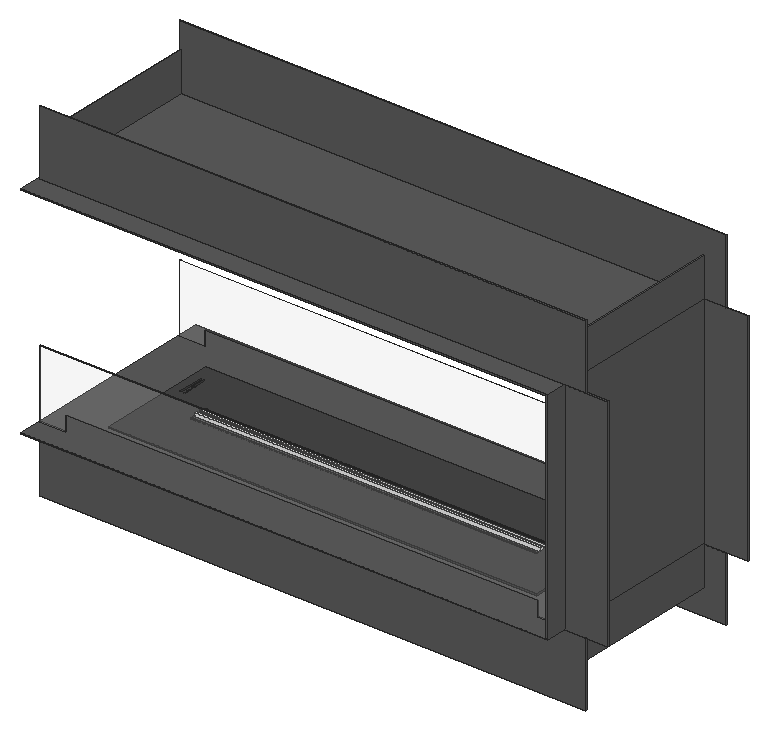
Revit family "1PLANIKA_FLA3_CASING_FORMA_ROOM_DIVIDER", category Attrezzatura meccanica, host Muro, Revit 2017
Family settings
  Host = Muro
  Quota connettore circolare = Usa diametro
  Tipo di parte = Normale
  Sempre verticale = Sì
  Taglio con vuoti quando caricato = No
  Condiviso = No
  Punto di calcolo locali = Sì
Parameters (values of type "FLA3_FORMA_1200_ROOM-DIVIDER")
  URL = "https://www.planikafires.com"
  TECHNICAL SHEET = "https://www.planikausa.com/indoor-ethanol-fireplaces/room-divider/forma-penisula/"
  PRODUCT SHEET = "https://www.archiproducts.com/en/products/planika/bioethanol-fireplace-insert-fla-3-in-casing-forma_431075"
  POWER SUPPLY = 230 V
  NET WEIGHT = 77.90 kg
  Modello = "FLA3 in FORMA ROOM-DIVIDER"
  Produttore = "PLANIKA"
  MINIMUM ROOM CUBATURE = 81 m³
  MAXIMUM HEAT OUTPUT = 8.1 kWh
  MAXIMUM BURN TIME = "10 hours"
  MATERIAL DESCRIPTION = "Steel, galvanized steel, toughened glass."
  LENGTH = 1320 mm
  HEIGHT = 710 mm
  FUEL TYPE = "Bioethanol 86 - 96,6%"
  FUEL TANK CAPACITY = 5.5 L
  FORMA LENGTH = 1219 mm
  FLAME HEIGHT REGULATION = "6 stages"
  FLA 3 LENGTH = 990 mm
  FINISHING MATERIAL = Black painted steel -  Planika
  ENVIRONMENTAL PERFORMANCE = "Maximum heat output: 8.1 kWh"
  Descrizione = "FORMA room-divider fireplace is loved by architects and designers alike thanks to the freedom of design options it offers. With the zero clearance and self-contained construction,  everyone can now find a perfect solution customized to their needs. Sleek and elegant, it features three open sides, enabling the mesmerising flame to be admired from any direction. The captivating linear flame instantly transforms both residential and commercial spaces."
  DEPTH = 406 mm
  CASING FINISH = Black powder coated steel - Planika
  BIM USER MANUAL = "https://img.edilportale.com/bim/Planika-manual-Planika-bim.pdf"
  BIM BADGE = "https://bim.archiproducts.com/en/badge/bim-archiproducts-featured_658700/about"
  BIM AUTHOR = "https://bim.archiproducts.com"
  APPLICATION = "For indoor use only"
  AIR CHANGE RATE = "1 space volume per hour"
Types (6, lengths in mm): name | NET WEIGHT | MINIMUM ROOM CUBATURE | MAXIMUM HEAT OUTPUT | MAXIMUM BURN TIME | LENGTH | FUEL TANK CAPACITY | FORMA LENGTH | FLA 3 LENGTH | ENVIRONMENTAL PERFORMANCE
  FLA3_FORMA_1200_ROOM-DIVIDER | 77.90 kg | 81 m³ | 8.1 kWh | "10 hours" | 1320 | 5.5 L | 1219 | 990 | "Maximum heat output: 8.1 kWh"
  FLA3_FORMA_1000_ROOM-DIVIDER | 65.40 kg | 69 m³ | 6.9 kWh | "32 hours" | 1120 | 4.5 L | 1057 | 790 | "Maximum heat output: 6.9 kWh"
  FLA3_FORMA_1500_ROOM-DIVIDER | 94.30 kg | 113 m³ | 11.2 kWh | "10 hours" | 1630 | 8.3 L | 1565 | 1190 | "Maximum heat output: 11.2 kWh"
  FLA3_FORMA_1800_ROOM-DIVIDER | 110.90 kg | 150 m³ | 15 kWh | "10 hours" | 1930 | 10.0 L | 1870 | 1490 | "Maximum heat output: 15 kWh"
  FLA3_FORMA_2300_ROOM-DIVIDER | 154.70 kg | 212 m³ | 21.2 kWh | "10 hours" | 2440 | 12.5 L | 2378 | 1990 | "Maximum heat output: 21.2 kWh"
  FLA3_FORMA_2700_ROOM-DIVIDER | 227.30 kg | 275 m³ | 27.5 kWh | "10 hours" | 2800 | 15.0 L | 2733 | 2490 | "Maximum heat output: 27.5 kWh"
Reference planes
  plane 1 "Wall": y = 0
  plane 2 "Center (Left/Right)": x = 125
  plane 3 "Back": y = 253
  plane 4: x = 734.5
  plane 5: x = -484.5
Forms (mm)
  Extrusion 1, void
    sketch origin (125, 0, 0) x (0, 1, 0) y (0, 0, 1)
      loop
        line (-253, 1898.739) -> (-253, 1390.739) -> (253, 1390.739) -> (253, 1898.739) -> (-253, 1898.739)
    from -609.5 to 609.5
  Extrusion 2, void
    sketch origin (125, 0, 0) x (0, 1, 0) y (0, 0, 1)
      loop
        line (-125.097, 1213.239) -> (125.1, 1213.239) -> (125.1, 1390.739) -> (-125.097, 1390.739) -> (-125.097, 1213.239)
    from -495 to 495
Text (mm)
  text "Placement Side" at (-1848.837, 1116.779, 0), in view "Ref. Level"
  text "Placement side" at (0, 1409.804, 2854.306), in view "Left"
  text "Placement side" at (0, 499.811, 2980.732), in view "Right"
Dimensions and locks
  locked: plane 3 "Back" to host wall
  equal spacing: plane 4, plane 2 "Center (Left/Right)", plane 5
  "FORMA LENGTH": plane 4 to plane 5
  locked: plane 3 "Back" to nested 2 at 253
  locked: plane 5 to Extrusion 2 at 114.5
  locked: Extrusion 2 to plane 4 at 114.5
  aligned and locked: plane 1 "Wall" to host wall
  aligned and locked: nested 1 to plane 2 "Center (Left/Right)"
  aligned and locked: nested 2 to plane 2 "Center (Left/Right)"
  aligned and locked: Extrusion 1 sketch curve to host wall
  aligned and locked: Extrusion 1 to plane 5
  aligned and locked: plane 4 to Extrusion 1
  aligned and locked: Extrusion 1 sketch curve to nested 1
  aligned and locked: Extrusion 2 sketch curve to nested 2  (x3)
  aligned and locked: Extrusion 2 sketch curve to nested 1
Automatic sketch dimensions
  Extrusion 1 sketch curve to Extrusion 1 sketch curve = 508 mm
  level to Extrusion 1 sketch curve = 1390.739 mm
Nested families
  nested 1: "CASING_FORMA" at (125, 203, 1644.739) x (-1, 0, 0) z (0, 1, 0), Length <- "FORMA LENGTH", MATERIAL <- "CASING FINISH", type "CASING_FORMA"
    with MATERIAL Black powder coated steel - Planika, Length 1219 mm
  nested 2: "FLA_3" at (125, 0, 1213.239) x (-1, 0, 0) z (0, 0, 1), Length <- "FLA 3 LENGTH", Material <- "FINISHING MATERIAL", type "FLA_3"
    with Material Black painted steel -  Planika, Length 990 mm
Connectors
  electrical at (220.704, -23.031, 1214.239), driven by "POWER SUPPLY"
    settings: on nested 2, index 1, voltage 230 V, apparent load 0 VA, apparent load phase1 0 VA, apparent load phase2 0 VA, apparent load phase3 0 VA, power factor 1, load classification "Power", number of poles 1, system type 31, power factor state 1, is connector primary yes, connector utility no, sub classification motor no, connector description ""
Definition of nested family "CASING_FORMA"
  Parameters (values of type "CASING_FORMA")
    Width = 406 mm
    Height = 688 mm
    Length [instance] = 1219 mm
    MATERIAL [instance] = none
    Default Elevation = 1219.2 mm
  Reference planes
    plane 1 "Center (Front/Back)": y = 0
    plane 2: z = 0
    plane 3 "Center (Left/Right)": x = 0
    plane 4: x = -609.5
    plane 5: x = 609.5
    plane 6: y = 344
    plane 7: y = -344
    plane 8: z = -406
  Forms (mm)
    Extrusion 1, solid, material <- "MATERIAL", detail levels fine
      sketch origin (0, 0, 0) x (1, 0, 0) y (0, 1, 0)
        loop
          line (-709.5, -254) -> (-609.5, -254) -> (-609.5, 254) -> (-709.5, 254) -> (-709.5, -254)
      from -2.5 to 0
    Extrusion 2, solid, material <- "MATERIAL", detail levels fine
      sketch origin (0, 0, 0) x (1, 0, 0) y (0, 1, 0)
        loop
          line (-659.5, 254) -> (604.5, 254) -> (604.5, 404) -> (-659.5, 404) -> (-659.5, 254)
      from -2.5 to 0
    Extrusion 3, solid, material <- "MATERIAL", detail levels fine
      sketch origin (0, 300, 0) x (1, 0, 0) y (0, 1, 0)
        loop
          line (-659.5, -554) -> (-659.5, -704) -> (604.5, -704) -> (604.5, -554) -> (-659.5, -554)
      from -2.5 to 0
    Extrusion 4, solid, material <- "MATERIAL", detail levels fine
      sketch origin (0, 0, 0) x (1, 0, 0) y (0, 0, 1)
        loop
          line (604.5, -2.5) -> (602, -2.5) -> (602, -403.5) -> (604.5, -403.5) -> (604.5, -2.5)
        loop
          line (-609.5, -2.5) -> (-609.5, -403.5) -> (-607, -403.5) -> (-607, -2.5) -> (-609.5, -2.5)
      from -344 to -254
    Extrusion 5, solid, material <- "MATERIAL", detail levels fine
      sketch origin (-10, 0, 0) x (1, 0, 0) y (0, 0, 1)
        loop
          line (614.5, -2.5) -> (612, -2.5) -> (612, -403.5) -> (614.5, -403.5) -> (614.5, -2.5)
        loop
          line (-599.5, -2.5) -> (-599.5, -403.5) -> (-597, -403.5) -> (-597, -2.5) -> (-599.5, -2.5)
      from 254 to 344
    Extrusion 6, solid, material <- "MATERIAL", detail levels fine
      sketch origin (0, 0, 0) x (1, 0, 0) y (0, 1, 0)
        loop
          line (-659.5, 254) -> (604.5, 254) -> (604.5, 404) -> (-659.5, 404) -> (-659.5, 254)
      from -403.5 to -406
    Extrusion 7, solid, material <- "MATERIAL", detail levels fine
      sketch origin (0, 0, 0) x (1, 0, 0) y (0, 1, 0)
        loop
          line (-659.5, -404) -> (604.5, -404) -> (604.5, -254) -> (-659.5, -254) -> (-659.5, -404)
      from -403.5 to -406
    Extrusion 8, solid, material <- "MATERIAL", detail levels fine
      sketch origin (0, 0, 0) x (1, 0, 0) y (0, 1, 0)
        loop
          line (-609.5, -254) -> (-609.5, 254) -> (-709.5, 254) -> (-709.5, -254) -> (-609.5, -254)
      from -406 to -403.5
    Extrusion 9, solid, material <- "MATERIAL", detail levels medium+fine
      sketch origin (0, 0, 0) x (1, 0, 0) y (0, 1, 0)
        loop
          line (-609.5, -254) -> (609.5, -254) -> (609.5, -251.5) -> (-607, -251.5) -> (-607, 251.5) -> (609.5, 251.5) -> (609.5, 254) -> (-609.5, 254) -> (-609.5, -254)
      from 50 to -456
    Extrusion 10, solid, detail levels fine
      sketch origin (0, 0, 0) x (1, 0, 0) y (0, 1, 0)
        loop
          line (-607, -251.5) -> (-547, -251.5) -> (-547, -216.5) -> (544.5, -216.5) -> (544.5, -251.5) -> (604.5, -251.5) -> (604.5, -91.5) -> (-607, -91.5) -> (-607, -251.5)
      from 0 to -2.5
    Extrusion 11, solid, detail levels fine
      sketch origin (100, 0, 0) x (1, 0, 0) y (0, 1, 0)
        loop
          line (-707, -251.5) -> (-647, -251.5) -> (-647, -216.5) -> (444.5, -216.5) -> (444.5, -251.5) -> (504.5, -251.5) -> (504.5, -91.5) -> (-707, -91.5) -> (-707, -251.5)
      from -406 to -403.5
  Dimensions and locks
    "Length": plane 4 to plane 5
    equal spacing: plane 4, plane 3 "Center (Left/Right)", plane 5
    equal spacing: plane 7, plane 1 "Center (Front/Back)", plane 6
    "Height": plane 7 to plane 6
    "Width": plane 2 to plane 8
    locked: Extrusion 1 sketch curve to plane 4 at 100
    locked: Extrusion 2 sketch curve to plane 4 at 50
    locked: Extrusion 2 sketch curve to plane 5 at 5
    Extrusion 2 sketch curve to plane 6 to Extrusion 2 sketch curve = 60 mm locked, 90 mm locked
    locked: Extrusion 3 sketch curve to plane 4 at 50
    locked: Extrusion 3 sketch curve to plane 5 at 5
    Extrusion 3 sketch curve to plane 7 to Extrusion 3 sketch curve = 90 mm locked, 60 mm locked
    locked: Extrusion 3 to Extrusion 3 at 2.5
    locked: Extrusion 2 to Extrusion 2 at 2.5
    locked: Extrusion 7 to Extrusion 7 at 2.5
    locked: Extrusion 9 sketch curve to Extrusion 9 sketch curve at 2.5  (x3)
    locked: Extrusion 9 to plane 2 at 50
    locked: plane 8 to Extrusion 9 at 50
    locked: Extrusion 5 sketch curve to Extrusion 4 at 2.5
    locked: Extrusion 10 sketch curve to plane 5 at 5
    locked: Extrusion 10 sketch curve to Extrusion 10 sketch curve at 60  (x2)
    Extrusion 10 sketch curve to Extrusion 10 sketch curve to Extrusion 10 sketch curve = 35 mm locked, 125 mm locked
    locked: Extrusion 11 sketch curve to Extrusion 11 sketch curve at 60  (x2)
    Extrusion 11 sketch curve to Extrusion 11 sketch curve to Extrusion 11 sketch curve = 35 mm locked, 125 mm locked
    locked: Extrusion 11 sketch curve to plane 5 at 5
    aligned and locked: level to plane 2
    aligned and locked: plane 4 to Extrusion 1 sketch curve
    aligned and locked: Extrusion 1 sketch curve to Extrusion 2
    aligned and locked: Extrusion 1 sketch curve to Extrusion 3
    aligned and locked: plane 2 to Extrusion 2
    aligned and locked: plane 2 to Extrusion 3
    aligned and locked: Extrusion 4 sketch curve to plane 4
    aligned and locked: plane 7 to Extrusion 5
    aligned and locked: Extrusion 5 to Extrusion 3  (x2)
    aligned and locked: Extrusion 3 to Extrusion 4 sketch curve  (x2)
    aligned and locked: Extrusion 3 to Extrusion 5 sketch curve  (x2)
    aligned and locked: Extrusion 6 sketch curve to Extrusion 2  (x2)
    aligned and locked: Extrusion 2 to Extrusion 6 sketch curve
    aligned and locked: Extrusion 7 sketch curve to Extrusion 3  (x2)
    aligned and locked: Extrusion 3 to Extrusion 7 sketch curve
    aligned and locked: Extrusion 8 sketch curve to Extrusion 1  (x3)
    aligned and locked: plane 8 to Extrusion 7
    aligned and locked: plane 8 to Extrusion 6
    aligned and locked: Extrusion 6 to Extrusion 7
    aligned and locked: Extrusion 3 to Extrusion 1
    aligned and locked: plane 8 to Extrusion 8
    aligned and locked: Extrusion 8 to Extrusion 7
    aligned and locked: Extrusion 9 sketch curve to plane 4
    aligned and locked: Extrusion 9 sketch curve to Extrusion 2
    aligned and locked: Extrusion 9 sketch curve to Extrusion 3
    aligned and locked: Extrusion 9 to Extrusion 5  (x2)
    aligned and locked: plane 2 to Extrusion 1
    aligned and locked: plane 5 to Extrusion 9 sketch curve  (x2)
    aligned and locked: Extrusion 2 to Extrusion 4
    aligned and locked: Extrusion 4 to Extrusion 5
    aligned and locked: Extrusion 10 sketch curve to Extrusion 9  (x2)
    aligned and locked: Extrusion 11 to Extrusion 9  (x3)
    aligned and locked: Extrusion 10 to Extrusion 3
    aligned and locked: Extrusion 3 to Extrusion 10
    aligned and locked: Extrusion 7 to Extrusion 11
    aligned and locked: Extrusion 11 to Extrusion 7
  Automatic sketch dimensions
    plane 4 to Extrusion 4 sketch curve = 2.5 mm
    plane 5 to Extrusion 4 sketch curve = 7.5 mm
    Extrusion 4 sketch curve to Extrusion 4 sketch curve = 2.5 mm
    plane 8 to Extrusion 4 sketch curve = 2.5 mm  (x2)
    Extrusion 5 sketch curve to plane 4 = 0 mm
    plane 4 to Extrusion 5 sketch curve = 2.5 mm
    Extrusion 5 sketch curve to Extrusion 5 sketch curve = 2.5 mm
    plane 8 to Extrusion 5 sketch curve = 2.5 mm  (x2)
    plane 5 to Extrusion 6 sketch curve = 5 mm
    plane 5 to Extrusion 7 sketch curve = 5 mm
    Extrusion 8 sketch curve to plane 7 = 90 mm
    Extrusion 10 sketch curve to plane 7 = 92.5 mm
    plane 4 to Extrusion 11 sketch curve = 2.5 mm
    Extrusion 11 sketch curve to plane 7 = 92.5 mm  (x2)
Definition of nested family "FLA_3"
  Parameters (values of type "FLA_3")
    URL = ""
    Model = ""
    Manufacturer = ""
    Material [instance] = none
    Length [instance] = 990 mm
    Description = ""
    Default Elevation = 1219.2 mm
  Reference planes
    plane 1 "Center (Front/Back)": y = 0
    plane 2: z = 0
    plane 3 "Center (Left/Right)": x = 0
    plane 4: x = -495
    plane 5: x = 495
    plane 6: x = -400
    plane 7: x = 400
    plane 8: x = -447.5
    plane 9: x = 447.5
    plane 10 "Level 1": z = 0
    plane 11: z = 235.862
  Forms (mm)
    Extrusion 1, solid, material <- "Material", detail levels fine
      sketch origin (0, 0, 0) x (0, 1, 0) y (-1, 0, 0)
        loop
          line (-139.982, 495) -> (-139.982, -495) -> (139.98, -495) -> (139.98, 495) -> (-139.982, 495)
        loop
          line (-19.978, 400) -> (-19.978, -400) -> (23.031, -400) -> (23.031, 400) -> (-19.978, 400)
        loop
          line (-72.434, 475) -> (-101.434, 475) -> (-101.434, 470) -> (-72.434, 470) -> (-72.434, 475)
        loop
          line (-72.434, 468) -> (-101.434, 468) -> (-101.434, 463) -> (-72.434, 463) -> (-72.434, 468)
        loop
          line (-41.457, 475) -> (-70.457, 475) -> (-70.457, 470) -> (-41.457, 470) -> (-41.457, 475)
        loop
          line (-41.457, 468) -> (-70.457, 468) -> (-70.457, 463) -> (-41.457, 463) -> (-41.457, 468)
        loop
          line (-70.457, -475) -> (-41.457, -475) -> (-41.457, -470) -> (-70.457, -470) -> (-70.457, -475)
        loop
          line (-70.457, -468) -> (-41.457, -468) -> (-41.457, -463) -> (-70.457, -463) -> (-70.457, -468)
        loop
          line (-101.434, -475) -> (-72.434, -475) -> (-72.434, -470) -> (-101.434, -470) -> (-101.434, -475)
        loop
          line (-101.434, -468) -> (-72.434, -468) -> (-72.434, -463) -> (-101.434, -463) -> (-101.434, -468)
      from 180 to 183
    Extrusion 2, solid, detail levels fine
      sketch origin (0, 0, 0) x (0, 1, 0) y (-1, 0, 0)
        loop
          line (125.097, -480) -> (125.097, 480) -> (-125.1, 480) -> (-125.1, -480) -> (125.097, -480)
        loop
          line (-122.1, -477) -> (122.097, -477) -> (122.097, 477) -> (-122.1, 477) -> (-122.1, -477)
      from 0 to 180
    Extrusion 3, solid, detail levels fine
      sketch origin (-500, 1995.821, 1200) x (0, 1, 0) y (0, 0, 1)
        loop
          arc (-1972.79, -1017) -> (-1977.026, -1018.755) -> (-1978.781, -1022.99) r 5.99
          line (-1978.781, -1022.99) -> (-1978.781, -1040.489) -> (-1976.085, -1040.489) -> (-1976.085, -1022.99)
          arc (-1976.085, -1022.99) -> (-1975.12, -1020.661) -> (-1972.79, -1019.696) r 3.294
          line (-1972.79, -1019.696) -> (-1972.79, -1017)
        loop
          line (-2015.801, -1017) -> (-2015.801, -1019.696)
          arc (-2015.801, -1019.696) -> (-2013.472, -1020.661) -> (-2012.507, -1022.99) r 3.294
          line (-2012.507, -1022.99) -> (-2012.507, -1040.489) -> (-2009.81, -1040.489) -> (-2009.81, -1022.99)
          arc (-2009.81, -1022.99) -> (-2011.565, -1018.755) -> (-2015.801, -1017) r 5.99
      from 100 to 900
    Extrusion 4, solid, detail levels fine
      sketch origin (0, 0, 0) x (0, 1, 0) y (-1, 0, 0)
        loop
          line (122.097, 477) -> (-122.1, 477) -> (-122.1, -477) -> (122.097, -477) -> (122.097, 477)
      from 0 to 3
    Extrusion 5, solid, detail levels medium
      sketch origin (0, 0, 0) x (0, 1, 0) y (-1, 0, 0)
        loop
          line (-139.982, 495) -> (-139.982, -495) -> (139.98, -495) -> (139.98, 495) -> (-139.982, 495)
      from 0 to 183
    Extrusion 6, solid, detail levels fine
      sketch origin (-447.5, 1994.334, 1200) x (0, 1, 0) y (0, 0, 1)
        loop
          line (-1984.329, -1012.199) -> (-1989.312, -1012.199) -> (-1989.312, -1015.189) -> (-1985.824, -1015.189) -> (-1985.824, -1022.166) -> (-2002.767, -1022.166) -> (-2002.767, -1015.189) -> (-1999.279, -1015.189) -> (-1999.279, -1012.199) -> (-2004.262, -1012.199) -> (-2004.262, -1042.1) -> (-1984.329, -1042.1) -> (-1984.329, -1012.199)
      from 47.5 to 847.5
    Extrusion 7, solid, detail levels fine
      sketch origin (0, 0, 0) x (1, 0, 0) y (0, 1, 0)
        loop
          circle (-95.704, 23.031) r 10
      from 0 to 1
  Dimensions and locks
    equal spacing: plane 4, plane 3 "Center (Left/Right)", plane 5
    "Length": plane 4 to plane 5
    locked: plane 4 to plane 6 at 95
    locked: plane 7 to plane 5 at 95
    equal spacing: plane 4, plane 8, plane 6
    equal spacing: plane 7, plane 9, plane 5
    locked: plane 10 "Level 1" to plane 2
    Extrusion 6 sketch curve to Extrusion 6 sketch curve to Extrusion 6 sketch curve to Extrusion 6 sketch curve = 19.934 mm locked, 6.977 mm locked, 2.99 mm locked
    locked: plane 10 "Level 1" to Extrusion 6 sketch curve at 157.9
    Extrusion 3 sketch curve to Extrusion 3 sketch curve to Extrusion 3 sketch curve to plane 10 "Level 1" = 2.696 mm locked, 20.792 mm locked, 159.511 mm locked
    locked: plane 11 to plane 10 "Level 1" at 235.862
    aligned and locked: level to plane 2
    aligned and locked: Extrusion 1 sketch curve to plane 4
    aligned and locked: plane 5 to Extrusion 1 sketch curve
    aligned and locked: Extrusion 3 to plane 6
    aligned and locked: plane 7 to Extrusion 3
    aligned and locked: Extrusion 5 sketch curve to Extrusion 1  (x2)
    aligned and locked: Extrusion 6 to Extrusion 1  (x2)
    aligned and locked: Extrusion 1 sketch curve to plane 7
    aligned and locked: plane 4 to nested 1
    aligned and locked: nested 1 to plane 5
    aligned and locked: nested 1 to Extrusion 1  (x2)
    aligned and locked: nested 2 to plane 10 "Level 1"
    aligned and locked: nested 2 to plane 11
    aligned and locked: plane 4 to nested 2
    aligned and locked: plane 5 to nested 2
    aligned and locked: nested 3 to plane 10 "Level 1"
    aligned and locked: nested 3 to plane 11
    aligned and locked: nested 3 to Extrusion 5  (x2)
  Automatic sketch dimensions
    Extrusion 3 sketch curve to Extrusion 3 sketch curve = 0 mm  (x3)
    plane 1 "Center (Front/Back)" to Extrusion 3 sketch curve = 16.685 mm
    Extrusion 3 sketch curve to Extrusion 3 sketch curve = 2.696 mm
    Extrusion 3 sketch curve to Extrusion 3 sketch curve = 3.294 mm
    Extrusion 3 sketch curve to Extrusion 3 sketch curve = 17.498 mm  (x2)
    Extrusion 3 sketch curve to plane 1 "Center (Front/Back)" = 17.041 mm
    plane 1 "Center (Front/Back)" to Extrusion 6 sketch curve = 9.928 mm
    plane 1 "Center (Front/Back)" to Extrusion 6 sketch curve = 8.433 mm
    plane 1 "Center (Front/Back)" to Extrusion 6 sketch curve = 4.945 mm
    Extrusion 6 sketch curve to plane 1 "Center (Front/Back)" = 5.022 mm
    Extrusion 6 sketch curve to Extrusion 6 sketch curve = 3.488 mm
    Extrusion 6 sketch curve to Extrusion 6 sketch curve = 1.495 mm
    Extrusion 6 sketch curve to Extrusion 6 sketch curve = 6.977 mm
    Extrusion 6 sketch curve to Extrusion 6 sketch curve = 2.99 mm
    plane 1 "Center (Front/Back)" to Extrusion 5 sketch curve = 139.982 mm
    Extrusion 5 sketch curve to plane 1 "Center (Front/Back)" = 139.98 mm
    plane 4 to Extrusion 2 sketch curve = 15 mm
    plane 1 "Center (Front/Back)" to Extrusion 2 sketch curve = 125.1 mm
    Extrusion 2 sketch curve to Extrusion 2 sketch curve = 3 mm  (x4)
    Extrusion 2 sketch curve to plane 5 = 18 mm
    Extrusion 2 sketch curve to plane 1 "Center (Front/Back)" = 122.097 mm
    Extrusion 1 sketch curve to plane 6 = 0 mm
    plane 1 "Center (Front/Back)" to Extrusion 1 sketch curve = 139.982 mm
    Extrusion 1 sketch curve to plane 5 = 20 mm  (x2)
    Extrusion 1 sketch curve to Extrusion 1 sketch curve = 38.548 mm  (x2)
    Extrusion 1 sketch curve to Extrusion 1 sketch curve = 0 mm  (x10)
    Extrusion 1 sketch curve to plane 8 = 15.5 mm
    Extrusion 1 sketch curve to Extrusion 1 sketch curve = 29 mm  (x4)
    Extrusion 1 sketch curve to Extrusion 1 sketch curve = 1.977 mm  (x4)
    plane 1 "Center (Front/Back)" to Extrusion 1 sketch curve = 19.978 mm
    Extrusion 1 sketch curve to plane 1 "Center (Front/Back)" = 23.031 mm
    Extrusion 1 sketch curve to plane 1 "Center (Front/Back)" = 139.98 mm
    Extrusion 1 sketch curve to Extrusion 1 sketch curve = 5 mm  (x7)
    Extrusion 1 sketch curve to Extrusion 1 sketch curve = 2 mm  (x2)
    plane 4 to Extrusion 4 sketch curve = 18 mm
    plane 1 "Center (Front/Back)" to Extrusion 4 sketch curve = 122.1 mm
    Extrusion 4 sketch curve to plane 1 "Center (Front/Back)" = 122.097 mm
    Extrusion 4 sketch curve to plane 5 = 18 mm
    Extrusion 7 sketch curve to plane 1 "Center (Front/Back)" = 23.031 mm
    Extrusion 7 sketch curve to plane 3 "Center (Left/Right)" = 95.704 mm
    radius of Extrusion 7 sketch curve = 10 mm
  Nested families
    nested 1: "FIREPLACE_SYMBOL_detail item" at (0, -0.001, 0), WIDTH <- "Length", type "FIREPLACE_SYMBOL_detail item", detail levels coarse
      with WIDTH 990 mm, HEIGHT 279.962 mm
    nested 2: "FIREPLACE_SYMBOL_detail item" at (0, 0, 117.931) x (1, 0, 0) z (0, -1, 0), type "FIREPLACE_SYMBOL_detail item", detail levels coarse
      with WIDTH 990 mm, HEIGHT 235.862 mm
    nested 3: "FIREPLACE_SYMBOL_detail item" at (0, -0.001, 117.931) x (0, 1, 0) z (1, 0, 0), type "FIREPLACE_SYMBOL_detail item", detail levels coarse
      with WIDTH 279.962 mm, HEIGHT 235.862 mm
  Definition of nested family "FIREPLACE_SYMBOL_detail item"
    Parameters (values of type "FIREPLACE_SYMBOL_detail item")
      WIDTH [instance] = 500 mm
      HEIGHT [instance] = 500 mm
    Reference planes
      plane 1 "Center (Front/Back)": y = 0
      plane 2: z = 0
      plane 3 "Center (Left/Right)": x = 0
      plane 4: x = 250
      plane 5: x = -250
      plane 6: y = 250
      plane 7: y = -250
    Lines and regions (mm)
      Filled region 1, type "Concrete", in view "Ref. Level"
        outline origin (-246.617, 90, 0) x (1, 0, 0) y (0, 1, 0)
          loop
            line (-3.383, -340) -> (496.617, -340) -> (496.617, 160) -> (-3.383, -340)
      detail lines, in view "Ref. Level"
        curve 1: line (-250, 250, 0) -> (250, 250, 0)
        curve 2: line (-250, -250, 0) -> (-250, 250, 0)
        curve 3: line (250, -250, 0) -> (-250, -250, 0)
        curve 4: line (250, 250, 0) -> (250, -250, 0)
    Dimensions and locks
      equal spacing: plane 5, plane 3 "Center (Left/Right)", plane 4
      equal spacing: plane 7, plane 1 "Center (Front/Back)", plane 6
      "WIDTH": plane 5 to plane 4
      "HEIGHT": plane 7 to plane 6
      aligned and locked: plane 6 to curve 1
      aligned and locked: plane 5 to curve 2
      aligned and locked: curve 3 to plane 7
      aligned and locked: curve 4 to plane 4
      aligned and locked: plane 6 to Filled region 1 sketch curve
      aligned and locked: plane 5 to Filled region 1 sketch curve
      aligned and locked: Filled region 1 sketch curve to plane 4
      aligned and locked: plane 7 to Filled region 1 sketch curve
